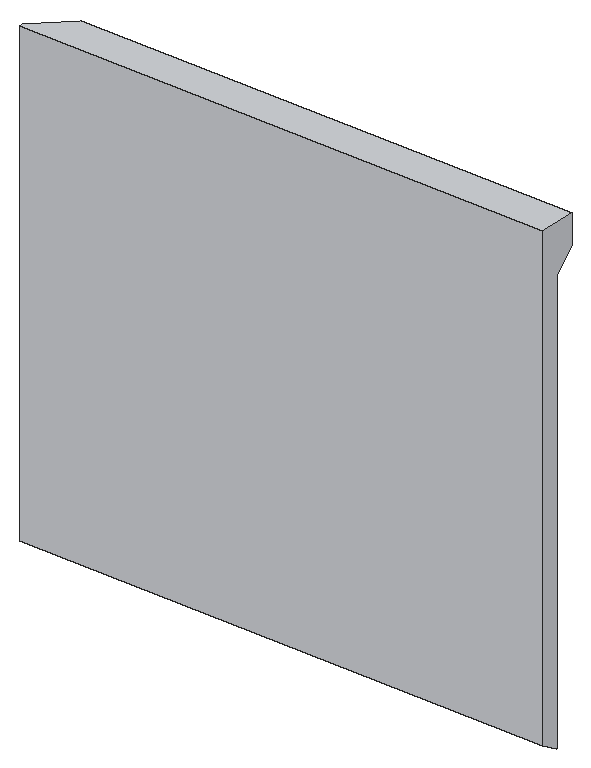
Revit family "TEST GENERIC FAMILY 1", category Generic Models, Revit 2021
Family settings
  Can host rebar = No
  Round Connector Dimension = Use Diameter
  Part Type = Normal
  Work Plane-Based = No
  Always vertical = Yes
  Cut with Voids When Loaded = No
  Shared = No
  Room Calculation Point = No
Parameters
  xps insulation thickness = 0' - 6"
  uhpc rib width = 0' - 3.78667"
  uhpc rib thickness = 0' - 1.98667"
  uhpc back panel thickness = 0' - 1"
  uhpc = none
  face panel thickness = 0' - 3"
  face panel rib width = 0' - 1.77333"
  air gap thickness = 0' - 2"
  aggregate = none
  Material [instance] = none
  Length [instance] = 7' - 4"
  Panel Total Height [instance] = 6' - 6.74016"
  Default Elevation = 0' - 0"
Reference planes (in)
  plane 1 "Model reference (front)": y = 0
  plane 2: z = 0
  plane 3 "Center (Left/Right)": x = 0
  plane 4: x = 88
  plane 5: x = 44
  plane 6: z = 78.74016
  plane 7: z = 6
  plane 8: z = 70.24016
  plane 9 "Center (Front/Back)": y = 9
  plane 10: y = 7
  plane 11: y = 6
  plane 12: y = 0
  plane 13: y = -3
  plane 14: z = 4.82667
  plane 15: z = 73.77959
Forms (in)
  Extrusion 1, solid
    sketch origin (0, -1.4252, 467.25197) x (0, 1, 0) y (0, 0, 1)
      loop
        line (1.4252, -397.51181) -> (4.4252, -394.51181) -> (4.4252, -389.51181) -> (-1.5748, -389.51181) -> (-1.5748, -467.25197) -> (1.4252, -468.9149) -> (1.4252, -397.51181)
    from 0 to 88 <- "Length"
  Extrusion 2, solid
    sketch origin (-5.36424, -1.35099, 0) x (1, 0, 0) y (0, 1, 0)
      loop
        line (10.68874, 3.12433) -> (5.36424, 3.12433) -> (5.36424, 1.35099) -> (10.68874, 1.35099) -> (10.68874, 3.12433)
    from 4.82667 to 73.77959
  Extrusion 3, void
    sketch origin (0, -3, 0) x (1, 0, 0) y (0, 1, 0)
      loop
        line (11.34437, 12) -> (0, 12) -> (0, 0.65563) -> (11.34437, 12)
    from -18.19044 to 136.95282
Cuts and joins
  Extrusion 3 cuts Extrusion 1
  Extrusion 3 cuts Extrusion 2
  joined: Extrusion 1, Extrusion 2
Dimensions and locks (in)
  "Length": plane 3 "Center (Left/Right)" to plane 4
  equal spacing: plane 3 "Center (Left/Right)", plane 5, plane 4
  "Panel Total Height": plane 6 to level
  locked: level to plane 7 at 6
  locked: plane 6 to plane 8 at 8.5
  "face panel thickness": plane 12 to plane 13
  locked: plane 6 to plane 15 at 4.96057
  aligned and locked: level to plane 2
  aligned and locked: Extrusion 1 to plane 3 "Center (Left/Right)"
  aligned and locked: plane 3 "Center (Left/Right)" to Extrusion 1
  aligned and locked: plane 4 to Extrusion 1
  aligned and locked: Extrusion 1 to plane 4
  aligned and locked: plane 15 to cut or joined group of Extrusion 1, Extrusion 2, Extrusion 3
Automatic sketch dimensions
  plane 1 "Model reference (front)" to Extrusion 2 sketch curve = 0' - 0"
  Extrusion 2 sketch curve to plane 11 = 0' - 4.22667"
  plane 3 "Center (Left/Right)" to Extrusion 2 sketch curve = 0' - 0"
  Extrusion 2 sketch curve to Extrusion 2 sketch curve = 0' - 5.3245"
  Extrusion 3 sketch curve to plane 3 "Center (Left/Right)" = 0' - 0"
  Extrusion 3 sketch curve to plane 9 "Center (Front/Back)" = 0' - 0"
  plane 3 "Center (Left/Right)" to Extrusion 3 sketch curve = 0' - 11.34437"
  plane 13 to Extrusion 3 sketch curve = 0' - 0.65563"
  Extrusion 1 sketch curve to plane 13 = 0' - 0"
  Extrusion 1 sketch curve to level = 0' - 0"
  Extrusion 1 sketch curve to plane 1 "Model reference (front)" = 0' - 0"
  Extrusion 1 sketch curve to plane 6 = 0' - 1"
  Extrusion 1 sketch curve to plane 15 = 0' - 1.03943"
  Extrusion 1 sketch curve to plane 1 "Model reference (front)" = 0' - 3"
  Extrusion 1 sketch curve to level = 0' - 1.66293"
  Extrusion 1 sketch curve to plane 8 = 0' - 0 1/2"
